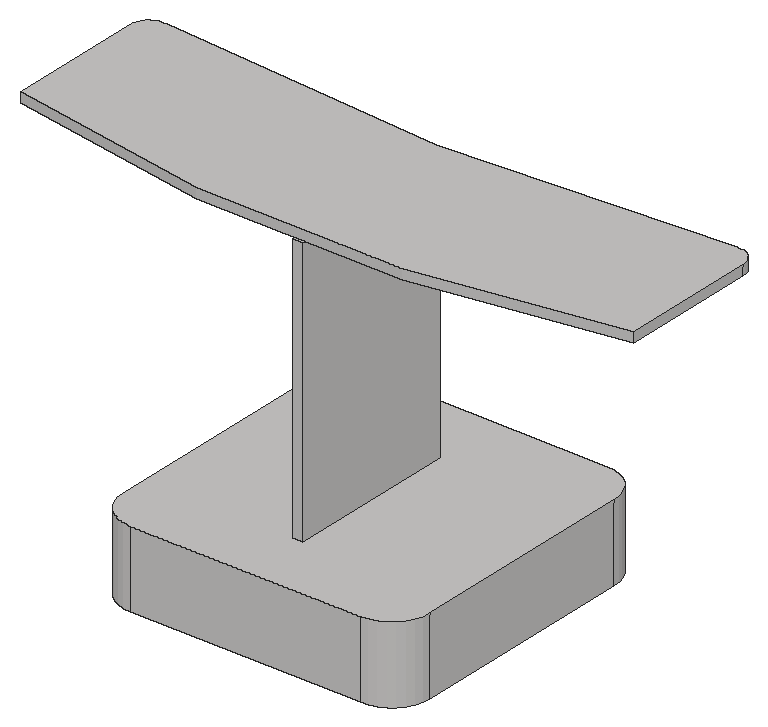
Revit family
Parameters (values of type "B-6727")
  offset [instance] = 0' - 0"
  Warranty Duration (Years) = 0
  Unit Width = 0' - 4"
  Unit Height = 0' - 2"
  Unit Depth = 0' - 2 5/16"
  URL = "http://www.bobrick.com/Pages/default.aspx"
  Specification = ""
  SpecWizard = ""
  Send Message = "http://www.arcat.com/users.pl?action=UserEmail&company=Bobrick+Washroom+Equipment,+Inc.&coid=30988&rep=156&fax=818-503-1930&mf="
  Sales Information = "http://www.bobrick.com/Pages/ContactUs.aspx"
  Revision = "R1_10-2012"
  Product Properties = ""
  Product Data = "http://arcat.com/arcatcos/cos30/arc30988.html?isac=1&r=1"
  Model = "B-6727"
  Manufacturer Website = "http://www.bobrick.com/Pages/default.aspx"
  Manufacturer Phone - Toll Free = ""
  Manufacturer Phone = "818-764-1000"
  Manufacturer Fax = "818-503-1930"
  Manufacturer Address = "11611 Hart St. North Hollywood, CA 91605-5882"
  Manufacturer = "Bobrick Washroom Equipment, Inc."
  Maintenance Schedule (Months) = 0
  Keynote = "102813"
  Installation-Fabrication = "http://www.bobrick.com/washroomaccessories/Pages/WashroomAccessories.aspx"
  Installation Phase = ""
  Green Building-LEED = ""
  Finish Material = Stainless Steel - Bobrick - Satin
  Expected Lifespan (Years) = 0
  Drawn By = "Sumex Design, Inc. / Robert S. Weygant, CSI, CDT, SCIP"
  Description = "Bobrick B-6727 Surface Mounted Double Robe Hook"
  Default Elevation = 4' - 0"
  Copyright = "©Arcat Inc."
  Construction Details = ""
  Assembly Code = "E1090900"
Types (2): name | Model | Finish Material | Description
  B-6727 | "B-6727" | Stainless Steel - Bobrick - Satin | "Bobrick B-6727 Surface Mounted Double Robe Hook"
  B-672 | "B-672" | Stainless Steel - Bobrick - Polished | "Bobrick B-672 Surface Mounted Double Robe Hook"
Reference planes (in)
  plane 1 "Center (Front/Back)": y = 0
  plane 2 "Bottom": z = 0
  plane 3 "Center (Left/Right)": x = 0
  plane 4 "Front": y = -1
  plane 5 "Back": y = 1
  plane 6 "Left": x = -2
  plane 7 "Right": x = 2
  plane 8 "Top": z = 2.3125
  plane 9: x = -1
  plane 10: x = 1
Forms (in)
  Extrusion 1, solid, material "Stainless Steel - Bobrick - Satin" <- "Finish Material"
    sketch origin (0, 0, 0) x (1, 0, 0) y (0, 1, 0)
      loop
        arc (-0.75, 1) -> (-0.92678, 0.92678) -> (-1, 0.75) r 0.25
        line (-1, 0.75) -> (-1, -0.75)
        arc (-1, -0.75) -> (-0.92678, -0.92678) -> (-0.75, -1) r 0.25
        line (-0.75, -1) -> (0.75, -1)
        arc (0.75, -1) -> (0.92678, -0.92678) -> (1, -0.75) r 0.25
        line (1, -0.75) -> (1, 0.75)
        arc (1, 0.75) -> (0.92678, 0.92678) -> (0.75, 1) r 0.25
        line (0.75, 1) -> (-0.75, 1)
    from 0 to 0.5
  Extrusion 2, solid, material "Stainless Steel - Bobrick - Satin" <- "Finish Material"
    sketch origin (-0.03125, 0, 0) x (0, 1, 0) y (0, 0, 1)
      loop
        line (0.54301, 0.5) -> (0.54301, 2.25) -> (-0.58003, 2.25) -> (-0.58003, 0.5) -> (0.54301, 0.5)
    from 0 to 0.0625
  Extrusion 3, solid, material "Stainless Steel - Bobrick - Satin" <- "Finish Material"
    sketch origin (0, 0, 2.25) x (1, 0, 0) y (0, 1, 0)
      loop
        arc (2, 0.55075) -> (1.95704, 0.64506) -> (1.85768, 0.67454) r 0.125
        arc (1.85768, 0.67454) -> (0, 0.54525) -> (-1.85768, 0.67454) r 13.40978
        arc (-1.85768, 0.67454) -> (-1.95704, 0.64506) -> (-2, 0.55075) r 0.125
        line (-2, 0.55075) -> (-2, -0.34094)
        arc (-2, -0.34094) -> (0, -0.58737) -> (2, -0.34094) r 8.23894
        line (2, -0.34094) -> (2, 0.55075)
    from 0 to 0.0625
Cuts and joins
  joined: Extrusion 1, Extrusion 2
Dimensions and locks (in)
  equal spacing: plane 6 "Left", plane 3 "Center (Left/Right)", plane 7 "Right"
  "Unit Width": plane 6 "Left" to plane 7 "Right"
  equal spacing: plane 5 "Back", plane 1 "Center (Front/Back)", plane 4 "Front"
  "Unit Height": plane 5 "Back" to plane 4 "Front"
  "Unit Depth": plane 8 "Top" to level
  locked: plane 6 "Left" to Extrusion 1 sketch curve at 1
  locked: Extrusion 1 sketch curve to plane 7 "Right" at 1
  Extrusion 2 sketch curve to Extrusion 2 sketch curve = 0' - 1.12305"
  plane 9 to plane 10 = 0' - 2"
  radius of Extrusion 1 sketch curve = 0' - 0 1/4"  (x4)
  aligned and locked: Extrusion 1 sketch curve to plane 5 "Back"
Automatic sketch dimensions
  Extrusion 1 sketch curve to plane 4 "Front" = 0' - 0"
  Extrusion 2 sketch curve to plane 8 "Top" = 0' - 0 1/16"
  plane 4 "Front" to Extrusion 2 sketch curve = 0' - 0.41997"
  level to Extrusion 2 sketch curve = 0' - 0 1/2"
  Extrusion 3 sketch curve to plane 6 "Left" = 0' - 0"
  Extrusion 3 sketch curve to plane 3 "Center (Left/Right)" = 0' - 0"  (x2)
  Extrusion 3 sketch curve to plane 7 "Right" = 0' - 0"
  Extrusion 3 sketch curve to Extrusion 3 sketch curve = 0' - 0 1/8"
  Extrusion 3 sketch curve to Extrusion 3 sketch curve = 0' - 0.01732"
  Extrusion 3 sketch curve to Extrusion 3 sketch curve = 0' - 0"  (x2)
  Extrusion 3 sketch curve to plane 7 "Right" = 0' - 0.14232"
  plane 1 "Center (Front/Back)" to Extrusion 3 sketch curve = 0' - 0.34094"
  Extrusion 3 sketch curve to plane 5 "Back" = 0' - 0.44925"
  Extrusion 3 sketch curve to Extrusion 3 sketch curve = 0' - 6.30346"
